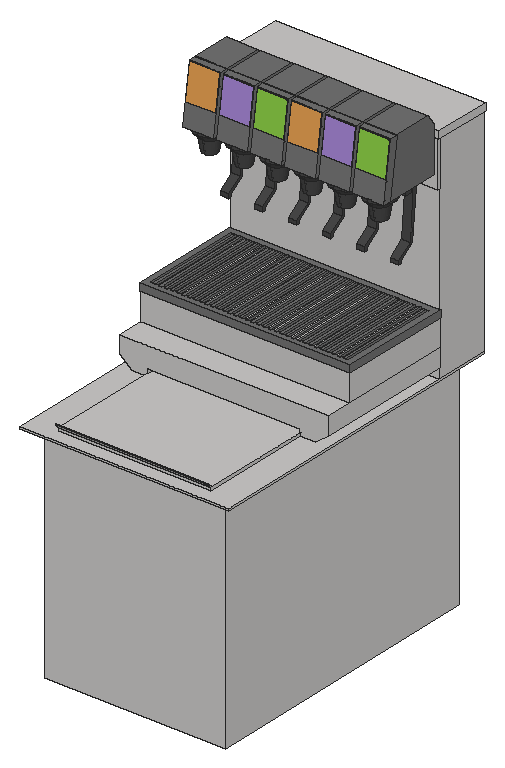
Revit family "QF_LANCER_ICD 2200", category Specialty Equipment, Revit 2012
Parameters
  Weight in Pounds = 0
  Watts = if(Phase = 3, Volts * FL Amps * 1.73, Volts * FL Amps)  # 0 W
  Waste Water Discharge Temperature [instance] = -459.67 °F
  Volts = 115 V
  URL Cutsheet = ""
  Type Mark [instance] = ""
  Status [instance] = ""
  Specification by User [instance] = ""
  Specification by Manufacturer = ""
  Show Clearance [instance] = yes
  Serial Number = ""
  Seismic Rating = ""
  SMACNA No = ""
  Revision Code [instance] = ""
  Plumbing Remarks [instance] = ""
  Plumbing Connection Type [instance] = ""
  Phase = 1
  Omniclass Number and Title = ""
  Number of Poles [instance] = 1
  NAFEM Spec ID Number = ""
  Model = "ICD 2200"
  Min Ckt Ampacity = 0 A
  Max Overcurrent Protection = 0 A
  Masterspec = ""
  Manufacturer = "LANCER"
  Item Number [instance] = ""
  Installed By [instance] = ""
  Indirect Waste Size = 3/4"
  Indirect Waste Flow [instance] = 0 GPM
  Indirect Waste Connection Type [instance] = ""
  Indirect Waste Connection Height = 0.000"
  Identify Quantity as Lot [instance] = yes
  HP = ""
  Furnished By [instance] = ""
  Foodservice Equipment Identifier [instance] = yes
  FL Amps = 0 A
  Electrical Remarks [instance] = ""
  Electric Connection Type [instance] = ""
  Elec Conn RI Height [instance] = 0.000"
  Elec Conn Connection Height [instance] = 0.000"
  Description = "ICE COOLED DROP IN DISPENSER"
  Cycle = 60 Hz
  Conn Plug = ""
  Conn Conduit = yes
  Cold Water Temperature Recommended [instance] = 0 °F
  Cold Water Size = 3/8"
  Cold Water RI Height [instance] = 0.000"
  Cold Water Minimum Pressure = 0.00 psi
  Cold Water Maximum Pressure = 0.00 psi
  Cold Water Flow [instance] = 0 GPM
  Cold Water Consumption = ""
  Cold Water Connection Height = 0.000"
  CSI MasterFormat = ""
  CSI Master Format = ""
  Apparent Power = if(Phase = 3, Volts * FL Amps * 1.73, Volts * FL Amps)  # 0 VA
Reference planes (in)
  plane 1 "BACK": y = 0
  plane 2: z = 0
  plane 3 "LEFT": x = 0
  plane 4 "RIGHT": x = 15
  plane 5 "FRONT": y = -23
  plane 6 "TOP": z = 33.375
  plane 7: x = 7.5
  plane 8: y = -11.5
  plane 9: z = 16.125
  plane 10: x = 1.44756
  plane 11: x = 13.55244
Forms (in)
  Extrusion 1, solid, material "QF_Finishes_Stainless Steel"
    sketch origin (0, 0, 0) x (1, 0, 0) y (0, 1, 0)
      loop
        line (1, -1) -> (1, -22) -> (14, -22) -> (14, -1) -> (1, -1)
    from 0 to 16.125
  Extrusion 2, solid, material "QF_Finishes_Stainless Steel"
    sketch origin (-16.16073, -180, 16.125) x (-1, 0, 0) y (0, -1, 0)
      loop
        line (-16.16073, -180) -> (-16.16073, -157) -> (-31.16073, -157) -> (-31.16073, -180) -> (-16.16073, -180)
    from 0 to 0.125
  Extrusion 3, solid, material "QF_Finishes_Stainless Steel"
    sketch origin (-16.16073, -180, 16.125) x (-1, 0, 0) y (0, -1, 0)
      loop
        line (-16.16073, -180) -> (-16.16073, -176) -> (-31.16073, -176) -> (-31.16073, -180) -> (-16.16073, -180)
    from 0 to 15.67398
  Extrusion 4, solid, material "QF_Finishes_Stainless Steel"
    sketch origin (15, -4, 16.125) x (-1, 0, 0) y (0, 0, -1)
      loop
        line (14.08152, -0.125) -> (12.96875, -0.125) -> (12.96875, -0.625) -> (2.03125, -0.625) -> (2.03125, -0.125) -> (0.91848, -0.125) -> (0, -0.84669) -> (0, -2.125) -> (15, -2.125) -> (15, -0.84669) -> (14.08152, -0.125)
    from 0 to 10
  Extrusion 5, solid, material "QF_Finishes_Stainless Steel"
    sketch origin (0, -4, 18.25) x (1, 0, 0) y (0, 1, 0)
      loop
        line (0, 0) -> (0, -8.09495) -> (15, -8.09495) -> (15, 0) -> (0, 0)
    from 0 to 2
  Extrusion 6, solid, material "QF_Finishes_Dark Grey"
    sketch origin (0, -4, 20.25) x (1, 0, 0) y (0, 1, 0)
      loop
        line (0.375, -7.71995) -> (14.625, -7.71995) -> (14.625, -0.5) -> (0.375, -0.5) -> (0.375, -7.71995)
      loop
        line (-0.062, -8.15695) -> (15.062, -8.15695) -> (15.062, 0) -> (-0.062, 0) -> (-0.062, -8.15695)
    from 0 to 0.5
  Extrusion 7, solid, material "QF_Finishes_Dark Grey"
    sketch origin (0, -4, 20.75) x (1, 0, 0) y (0, 1, 0)
      loop
        line (0.57197, -7.71995) -> (0.74666, -7.71995) -> (0.74666, -0.5) -> (0.57197, -0.5) -> (0.57197, -7.71995)
      loop
        line (0.9866, -7.71995) -> (1.16129, -7.71995) -> (1.16129, -0.5) -> (0.9866, -0.5) -> (0.9866, -7.71995)
      loop
        line (1.40123, -7.71995) -> (1.57592, -7.71995) -> (1.57592, -0.5) -> (1.40123, -0.5) -> (1.40123, -7.71995)
      loop
        line (1.81586, -7.71995) -> (1.99056, -7.71995) -> (1.99056, -0.5) -> (1.81586, -0.5) -> (1.81586, -7.71995)
      loop
        line (2.23049, -7.71995) -> (2.40519, -7.71995) -> (2.40519, -0.5) -> (2.23049, -0.5) -> (2.23049, -7.71995)
      loop
        line (2.64512, -7.71995) -> (2.81982, -7.71995) -> (2.81982, -0.5) -> (2.64512, -0.5) -> (2.64512, -7.71995)
      loop
        line (3.05976, -7.71995) -> (3.23445, -7.71995) -> (3.23445, -0.5) -> (3.05976, -0.5) -> (3.05976, -7.71995)
      loop
        line (3.47439, -7.71995) -> (3.64908, -7.71995) -> (3.64908, -0.5) -> (3.47439, -0.5) -> (3.47439, -7.71995)
      loop
        line (3.88902, -7.71995) -> (4.06371, -7.71995) -> (4.06371, -0.5) -> (3.88902, -0.5) -> (3.88902, -7.71995)
      loop
        line (4.30365, -7.71995) -> (4.47834, -7.71995) -> (4.47834, -0.5) -> (4.30365, -0.5) -> (4.30365, -7.71995)
      loop
        line (4.71828, -7.71995) -> (4.89297, -7.71995) -> (4.89297, -0.5) -> (4.71828, -0.5) -> (4.71828, -7.71995)
      loop
        line (5.13291, -7.71995) -> (5.30761, -7.71995) -> (5.30761, -0.5) -> (5.13291, -0.5) -> (5.13291, -7.71995)
      loop
        line (5.54754, -7.71995) -> (5.72224, -7.71995) -> (5.72224, -0.5) -> (5.54754, -0.5) -> (5.54754, -7.71995)
      loop
        line (5.96217, -7.71995) -> (6.13687, -7.71995) -> (6.13687, -0.5) -> (5.96217, -0.5) -> (5.96217, -7.71995)
      loop
        line (6.3768, -7.71995) -> (6.5515, -7.71995) -> (6.5515, -0.5) -> (6.3768, -0.5) -> (6.3768, -7.71995)
      loop
        line (6.79144, -7.71995) -> (6.96613, -7.71995) -> (6.96613, -0.5) -> (6.79144, -0.5) -> (6.79144, -7.71995)
      loop
        line (7.20607, -7.71995) -> (7.38076, -7.71995) -> (7.38076, -0.5) -> (7.20607, -0.5) -> (7.20607, -7.71995)
      loop
        line (7.6207, -7.71995) -> (7.79539, -7.71995) -> (7.79539, -0.5) -> (7.6207, -0.5) -> (7.6207, -7.71995)
      loop
        line (8.03533, -7.71995) -> (8.21002, -7.71995) -> (8.21002, -0.5) -> (8.03533, -0.5) -> (8.03533, -7.71995)
      loop
        line (8.44996, -7.71995) -> (8.62466, -7.71995) -> (8.62466, -0.5) -> (8.44996, -0.5) -> (8.44996, -7.71995)
      loop
        line (8.86459, -7.71995) -> (9.03929, -7.71995) -> (9.03929, -0.5) -> (8.86459, -0.5) -> (8.86459, -7.71995)
      loop
        line (9.27922, -7.71995) -> (9.45392, -7.71995) -> (9.45392, -0.5) -> (9.27922, -0.5) -> (9.27922, -7.71995)
      loop
        line (9.69385, -7.71995) -> (9.86855, -7.71995) -> (9.86855, -0.5) -> (9.69385, -0.5) -> (9.69385, -7.71995)
      loop
        line (10.10849, -7.71995) -> (10.28318, -7.71995) -> (10.28318, -0.5) -> (10.10849, -0.5) -> (10.10849, -7.71995)
      loop
        line (10.52312, -7.71995) -> (10.69781, -7.71995) -> (10.69781, -0.5) -> (10.52312, -0.5) -> (10.52312, -7.71995)
      loop
        line (10.93775, -7.71995) -> (11.11244, -7.71995) -> (11.11244, -0.5) -> (10.93775, -0.5) -> (10.93775, -7.71995)
      loop
        line (11.35238, -7.71995) -> (11.52707, -7.71995) -> (11.52707, -0.5) -> (11.35238, -0.5) -> (11.35238, -7.71995)
      loop
        line (11.76701, -7.71995) -> (11.9417, -7.71995) -> (11.9417, -0.5) -> (11.76701, -0.5) -> (11.76701, -7.71995)
      loop
        line (12.18164, -7.71995) -> (12.35634, -7.71995) -> (12.35634, -0.5) -> (12.18164, -0.5) -> (12.18164, -7.71995)
      loop
        line (12.59627, -7.71995) -> (12.77097, -7.71995) -> (12.77097, -0.5) -> (12.59627, -0.5) -> (12.59627, -7.71995)
      loop
        line (13.0109, -7.71995) -> (13.1856, -7.71995) -> (13.1856, -0.5) -> (13.0109, -0.5) -> (13.0109, -7.71995)
      loop
        line (13.42554, -7.71995) -> (13.60023, -7.71995) -> (13.60023, -0.5) -> (13.42554, -0.5) -> (13.42554, -7.71995)
      loop
        line (13.84017, -7.71995) -> (14.01486, -7.71995) -> (14.01486, -0.5) -> (13.84017, -0.5) -> (13.84017, -7.71995)
      loop
        line (14.2548, -7.71995) -> (14.42949, -7.71995) -> (14.42949, -0.5) -> (14.2548, -0.5) -> (14.2548, -7.71995)
    from 0 to -0.125
  Extrusion 8, solid, material "QF_Finishes_Stainless Steel"
    sketch origin (-16.16073, -180, 31.79898) x (-1, 0, 0) y (0, -1, 0)
      loop
        line (-16.09873, -175.875) -> (-31.22273, -175.875) -> (-31.22273, -180.062) -> (-16.09873, -180.062) -> (-16.09873, -175.875)
    from 0 to 0.5
  Extrusion 9, solid, material "QF_Finishes_Stainless Steel"
    sketch origin (15, -4, 16.125) x (-1, 0, 0) y (0, 0, -1)
      loop
        line (12.5, -0.125) -> (2.03125, -0.125) -> (2.03125, -0.625) -> (12.5, -0.625) -> (12.5, -0.125)
    from 0 to 9
  Extrusion 10, solid, material "QF_Finishes_Stainless Steel"
    sketch origin (2.03125, -4, 16.25) x (0, 0, 1) y (0, -1, 0)
      loop
        line (0, 9) -> (0.25, 9) -> (0.25, 17.96094) -> (0.57338, 18.28431) -> (0.52883, 18.32886) -> (0.19997, 18) -> (0, 18) -> (0, 9)
    from 0 to 10.9375
  Extrusion 11, solid, material "QF_Finishes_Stainless Steel"
    sketch origin (15, -4, 16.125) x (-1, 0, 0) y (0, 0, -1)
      loop
        line (15, -15.67398) -> (15, -12.37215) -> (0, -12.37215) -> (0, -15.67398) -> (15, -15.67398)
    from 0 to 0.125
  Extrusion 12, solid, material "QF_Finishes_Stainless Steel"
    sketch origin (0, -1, 0) x (1, 0, 0) y (0, 0, -1)
      loop
        circle (7.5, -2.16687) r 0.5
      loop
        circle (7.5, -4.66687) r 0.1875
    from 0 to -0.125
Lines and regions (in)
  symbolic lines
    curve 1: line (0, 0, 16.125) -> (15, 0, 16.125)
    curve 2: line (0, -23, 16.125) -> (0, 0, 16.125)
    curve 3: line (15, -23, 16.125) -> (0, -23, 16.125)
    curve 4: line (15, 0, 16.125) -> (15, -23, 16.125)
    curve 5: line (-0.062, -12.15695, 16.125) -> (15.062, -12.15695, 16.125)
    curve 6: line (0, -14, 16.125) -> (15, -14, 16.125)
    curve 7: line (2.03125, -14, 16.125) -> (2.03125, -22.28431, 16.125)
    curve 8: line (12.96875, -22.28431, 16.125) -> (12.96875, -14, 16.125)
    curve 9: line (2.03125, -22.28431, 16.125) -> (12.96875, -22.28431, 16.125)
    curve 10: line (2.03125, -21.96094, 16.125) -> (12.96875, -21.96094, 16.125)
    curve 11: line (0.375, -11.71995, 16.125) -> (0.375, -8.63085, 16.125)
    curve 12: line (14.625, -11.71995, 16.125) -> (0.375, -11.71995, 16.125)
    curve 13: line (14.625, -8.63085, 16.125) -> (14.625, -11.71995, 16.125)
    curve 14: line (2.44756, -8.63085, 16.125) -> (0.19756, -8.63085, 16.125)
    curve 15: line (2.44756, -4.125, 16.125) -> (2.44756, -8.63085, 16.125)
    curve 16: line (0.19756, -8.63085, 16.125) -> (0.19756, -4.125, 16.125)
    curve 17: line (0.19756, -4.625, 16.125) -> (2.44756, -4.625, 16.125)
    curve 18: line (2.44756, -7.99564, 16.125) -> (0.19756, -7.99564, 16.125)
    curve 19: line (0.24756, -8.00341, 16.125) -> (0.24756, -8.41454, 16.125)
    curve 20: line (0.24756, -8.41454, 16.125) -> (2.39756, -8.41454, 16.125)
    curve 21: line (0.19756, -7.42572, 16.125) -> (2.44756, -7.42572, 16.125)
    curve 22: line (2.39756, -8.41454, 16.125) -> (2.39756, -8.00341, 16.125)
    curve 23: line (4.89354, -8.63085, 16.125) -> (2.64354, -8.63085, 16.125)
    curve 24: line (4.89354, -4.125, 16.125) -> (4.89354, -8.63085, 16.125)
    curve 25: line (2.64354, -8.63085, 16.125) -> (2.64354, -4.125, 16.125)
    curve 26: line (4.89354, -7.99564, 16.125) -> (2.64354, -7.99564, 16.125)
    curve 27: line (2.69354, -8.00341, 16.125) -> (2.69354, -8.41454, 16.125)
    curve 28: line (2.69354, -8.41454, 16.125) -> (4.84354, -8.41454, 16.125)
    curve 29: line (2.64354, -7.42572, 16.125) -> (4.89354, -7.42572, 16.125)
    curve 30: line (4.84354, -8.41454, 16.125) -> (4.84354, -8.00341, 16.125)
    curve 31: line (7.33951, -8.63085, 16.125) -> (5.08951, -8.63085, 16.125)
    curve 32: line (7.33951, -4.125, 16.125) -> (7.33951, -8.63085, 16.125)
    curve 33: line (5.08951, -8.63085, 16.125) -> (5.08951, -4.125, 16.125)
    curve 34: line (7.33951, -7.99564, 16.125) -> (5.08951, -7.99564, 16.125)
    curve 35: line (5.13951, -8.00341, 16.125) -> (5.13951, -8.41454, 16.125)
    curve 36: line (5.13951, -8.41454, 16.125) -> (7.28951, -8.41454, 16.125)
    curve 37: line (5.08951, -7.42572, 16.125) -> (7.33951, -7.42572, 16.125)
    curve 38: line (7.28951, -8.41454, 16.125) -> (7.28951, -8.00341, 16.125)
    curve 39: line (9.78549, -8.63085, 16.125) -> (7.53549, -8.63085, 16.125)
    curve 40: line (9.78549, -4.125, 16.125) -> (9.78549, -8.63085, 16.125)
    curve 41: line (7.53549, -8.63085, 16.125) -> (7.53549, -4.125, 16.125)
    curve 42: line (9.78549, -7.99564, 16.125) -> (7.53549, -7.99564, 16.125)
    curve 43: line (7.58549, -8.00341, 16.125) -> (7.58549, -8.41454, 16.125)
    curve 44: line (7.58549, -8.41454, 16.125) -> (9.73549, -8.41454, 16.125)
    curve 45: line (7.53549, -7.42572, 16.125) -> (9.78549, -7.42572, 16.125)
    curve 46: line (9.73549, -8.41454, 16.125) -> (9.73549, -8.00341, 16.125)
    curve 47: line (12.23146, -8.63085, 16.125) -> (9.98146, -8.63085, 16.125)
    curve 48: line (12.23146, -4.125, 16.125) -> (12.23146, -8.63085, 16.125)
    curve 49: line (9.98146, -8.63085, 16.125) -> (9.98146, -4.125, 16.125)
    curve 50: line (12.23146, -7.99564, 16.125) -> (9.98146, -7.99564, 16.125)
    curve 51: line (10.03146, -8.00341, 16.125) -> (10.03146, -8.41454, 16.125)
    curve 52: line (10.03146, -8.41454, 16.125) -> (12.18146, -8.41454, 16.125)
    curve 53: line (9.98146, -7.42572, 16.125) -> (12.23146, -7.42572, 16.125)
    curve 54: line (12.18146, -8.41454, 16.125) -> (12.18146, -8.00341, 16.125)
    curve 55: line (14.67744, -8.63085, 16.125) -> (12.42744, -8.63085, 16.125)
    curve 56: line (14.67744, -4.125, 16.125) -> (14.67744, -8.63085, 16.125)
    curve 57: line (12.42744, -8.63085, 16.125) -> (12.42744, -4.125, 16.125)
    curve 58: line (14.67744, -7.99564, 16.125) -> (12.42744, -7.99564, 16.125)
    curve 59: line (12.47744, -8.00341, 16.125) -> (12.47744, -8.41454, 16.125)
    curve 60: line (12.47744, -8.41454, 16.125) -> (14.62744, -8.41454, 16.125)
    curve 61: line (12.42744, -7.42572, 16.125) -> (14.67744, -7.42572, 16.125)
    curve 62: line (14.62744, -8.41454, 16.125) -> (14.62744, -8.00341, 16.125)
    curve 63: line (2.64354, -4.625, 16.125) -> (4.89354, -4.625, 16.125)
    curve 64: line (5.08951, -4.625, 16.125) -> (7.33951, -4.625, 16.125)
    curve 65: line (7.53549, -4.625, 16.125) -> (9.78549, -4.625, 16.125)
    curve 66: line (9.98146, -4.625, 16.125) -> (12.23146, -4.625, 16.125)
    curve 67: line (12.42744, -4.625, 16.125) -> (14.67744, -4.625, 16.125)
    curve 68: line (-0.062, -4.125, 16.125) -> (15.062, -4.125, 16.125)
    curve 69: line (0.57197, -8.63085, 16.125) -> (0.57197, -11.71995, 16.125)
    curve 70: line (0.74666, -11.71995, 16.125) -> (0.74666, -8.63085, 16.125)
    curve 71: line (0.9866, -8.63085, 16.125) -> (0.9866, -11.71995, 16.125)
    curve 72: line (1.16129, -11.71995, 16.125) -> (1.16129, -8.63085, 16.125)
    curve 73: line (1.40123, -8.63085, 16.125) -> (1.40123, -11.71995, 16.125)
    curve 74: line (1.57592, -11.71995, 16.125) -> (1.57592, -8.63085, 16.125)
    curve 75: line (1.81586, -8.63085, 16.125) -> (1.81586, -11.71995, 16.125)
    curve 76: line (1.99056, -11.71995, 16.125) -> (1.99056, -8.63085, 16.125)
    curve 77: line (2.23049, -8.63085, 16.125) -> (2.23049, -11.71995, 16.125)
    curve 78: line (2.40519, -11.71995, 16.125) -> (2.40519, -8.63085, 16.125)
    curve 79: line (2.64512, -8.63085, 16.125) -> (2.64512, -11.71995, 16.125)
    curve 80: line (2.81982, -11.71995, 16.125) -> (2.81982, -8.63085, 16.125)
    curve 81: line (3.05976, -8.63085, 16.125) -> (3.05976, -11.71995, 16.125)
    curve 82: line (3.23445, -11.71995, 16.125) -> (3.23445, -8.63085, 16.125)
    curve 83: line (3.47439, -8.63085, 16.125) -> (3.47439, -11.71995, 16.125)
    curve 84: line (3.64908, -11.71995, 16.125) -> (3.64908, -8.63085, 16.125)
    curve 85: line (3.88902, -8.63085, 16.125) -> (3.88902, -11.71995, 16.125)
    curve 86: line (4.06371, -11.71995, 16.125) -> (4.06371, -8.63085, 16.125)
    curve 87: line (4.30365, -8.63085, 16.125) -> (4.30365, -11.71995, 16.125)
    curve 88: line (4.47834, -11.71995, 16.125) -> (4.47834, -8.63085, 16.125)
    curve 89: line (4.71828, -8.63085, 16.125) -> (4.71828, -11.71995, 16.125)
    curve 90: line (4.89297, -11.71995, 16.125) -> (4.89297, -8.63085, 16.125)
    curve 91: line (5.13291, -8.63085, 16.125) -> (5.13291, -11.71995, 16.125)
    curve 92: line (5.30761, -11.71995, 16.125) -> (5.30761, -8.63085, 16.125)
    curve 93: line (5.54754, -8.63085, 16.125) -> (5.54754, -11.71995, 16.125)
    curve 94: line (5.72224, -11.71995, 16.125) -> (5.72224, -8.63085, 16.125)
    curve 95: line (5.96217, -8.63085, 16.125) -> (5.96217, -11.71995, 16.125)
    curve 96: line (6.13687, -11.71995, 16.125) -> (6.13687, -8.63085, 16.125)
    curve 97: line (6.3768, -8.63085, 16.125) -> (6.3768, -11.71995, 16.125)
    curve 98: line (6.5515, -11.71995, 16.125) -> (6.5515, -8.63085, 16.125)
    curve 99: line (6.79144, -8.63085, 16.125) -> (6.79144, -11.71995, 16.125)
    curve 100: line (6.96613, -11.71995, 16.125) -> (6.96613, -8.63085, 16.125)
    curve 101: line (7.20607, -8.63085, 16.125) -> (7.20607, -11.71995, 16.125)
    curve 102: line (7.38076, -11.71995, 16.125) -> (7.38076, -4.125, 16.125)
    curve 103: line (7.6207, -8.63085, 16.125) -> (7.6207, -11.71995, 16.125)
    curve 104: line (7.79539, -11.71995, 16.125) -> (7.79539, -8.63085, 16.125)
    curve 105: line (8.03533, -8.63085, 16.125) -> (8.03533, -11.71995, 16.125)
    curve 106: line (8.21002, -11.71995, 16.125) -> (8.21002, -8.63085, 16.125)
    curve 107: line (8.44996, -8.63085, 16.125) -> (8.44996, -11.71995, 16.125)
    curve 108: line (8.62466, -11.71995, 16.125) -> (8.62466, -8.63085, 16.125)
    curve 109: line (8.86459, -8.63085, 16.125) -> (8.86459, -11.71995, 16.125)
    curve 110: line (9.03929, -11.71995, 16.125) -> (9.03929, -8.63085, 16.125)
    curve 111: line (9.27922, -8.63085, 16.125) -> (9.27922, -11.71995, 16.125)
    curve 112: line (9.45392, -11.71995, 16.125) -> (9.45392, -8.63085, 16.125)
    curve 113: line (9.69385, -8.63085, 16.125) -> (9.69385, -11.71995, 16.125)
    curve 114: line (9.86855, -11.71995, 16.125) -> (9.86855, -4.125, 16.125)
    curve 115: line (10.10849, -8.63085, 16.125) -> (10.10849, -11.71995, 16.125)
    curve 116: line (10.28318, -11.71995, 16.125) -> (10.28318, -8.63085, 16.125)
    curve 117: line (10.52312, -8.63085, 16.125) -> (10.52312, -11.71995, 16.125)
    curve 118: line (10.69781, -11.71995, 16.125) -> (10.69781, -8.63085, 16.125)
    curve 119: line (10.93775, -8.63085, 16.125) -> (10.93775, -11.71995, 16.125)
    curve 120: line (11.11244, -11.71995, 16.125) -> (11.11244, -8.63085, 16.125)
    curve 121: line (11.35238, -8.63085, 16.125) -> (11.35238, -11.71995, 16.125)
    curve 122: line (11.52707, -11.71995, 16.125) -> (11.52707, -8.63085, 16.125)
    curve 123: line (11.76701, -8.63085, 16.125) -> (11.76701, -11.71995, 16.125)
    curve 124: line (11.9417, -11.71995, 16.125) -> (11.9417, -8.63085, 16.125)
    curve 125: line (12.18164, -8.63085, 16.125) -> (12.18164, -11.71995, 16.125)
    curve 126: line (12.35634, -11.71995, 16.125) -> (12.35634, -4.125, 16.125)
    curve 127: line (12.59627, -8.63085, 16.125) -> (12.59627, -11.71995, 16.125)
    curve 128: line (12.77097, -11.71995, 16.125) -> (12.77097, -8.63085, 16.125)
    curve 129: line (13.0109, -8.63085, 16.125) -> (13.0109, -11.71995, 16.125)
    curve 130: line (13.1856, -11.71995, 16.125) -> (13.1856, -8.63085, 16.125)
    curve 131: line (13.42554, -8.63085, 16.125) -> (13.42554, -11.71995, 16.125)
    curve 132: line (13.60023, -11.71995, 16.125) -> (13.60023, -8.63085, 16.125)
    curve 133: line (13.84017, -8.63085, 16.125) -> (13.84017, -11.71995, 16.125)
    curve 134: line (14.01486, -11.71995, 16.125) -> (14.01486, -8.63085, 16.125)
    curve 135: line (14.2548, -8.63085, 16.125) -> (14.2548, -11.71995, 16.125)
    curve 136: line (14.42949, -11.71995, 16.125) -> (14.42949, -8.63085, 16.125)
Dimensions and locks (in)
  plane 3 "LEFT" to plane 4 "RIGHT" = 15.000"
  plane 5 "FRONT" to plane 1 "BACK" = 23.000"
  equal spacing: plane 3 "LEFT", plane 7, plane 4 "RIGHT"
  equal spacing: plane 5 "FRONT", plane 8, plane 1 "BACK"
  plane 6 "TOP" to plane 9 to level = 17.250", 16.125"
  plane 6 "TOP" to level = 33.375"
  aligned and locked: level to plane 2
Automatic sketch dimensions
  plane 3 "LEFT" to Extrusion 1 sketch curve = 1.000"
  plane 4 "RIGHT" to Extrusion 1 sketch curve = 1.000"
  Extrusion 1 sketch curve to plane 5 "FRONT" = 1.000"
  plane 1 "BACK" to Extrusion 1 sketch curve = 1.000"
  plane 1 "BACK" to Extrusion 2 sketch curve = 0.000"
  Extrusion 2 sketch curve to plane 4 "RIGHT" = 0.000"
  Extrusion 2 sketch curve to plane 3 "LEFT" = 0.000"
  plane 5 "FRONT" to Extrusion 2 sketch curve = 0.000"
  plane 1 "BACK" to Extrusion 3 sketch curve = 0.000"
  Extrusion 3 sketch curve to plane 4 "RIGHT" = 0.000"
  Extrusion 3 sketch curve to plane 3 "LEFT" = 0.000"
  Extrusion 3 sketch curve to Extrusion 3 sketch curve = 4.000"
  Extrusion 4 sketch curve to Extrusion 3 = 0.000"  (x2)
  Extrusion 3 to Extrusion 4 sketch curve = 0.125"  (x2)
  Extrusion 4 sketch curve to Extrusion 3 = 0.91848"
  Extrusion 4 sketch curve to Extrusion 4 sketch curve = 1.11277"
  Extrusion 3 to Extrusion 4 sketch curve = 2.03125"
  Extrusion 3 to Extrusion 4 sketch curve = 0.91848"
  Extrusion 4 sketch curve to Extrusion 4 sketch curve = 0.500"
  Extrusion 3 to Extrusion 4 sketch curve = 0.84669"  (x2)
  Extrusion 4 sketch curve to Extrusion 4 sketch curve = 1.27831"
  Extrusion 5 sketch curve to Extrusion 4 = 0.000"  (x3)
  Extrusion 4 to Extrusion 5 sketch curve = 1.90505"
  Extrusion 6 sketch curve to Extrusion 5 = 0.000"
  Extrusion 5 to Extrusion 6 sketch curve = 0.062"  (x3)
  Extrusion 6 sketch curve to Extrusion 5 = 0.375"  (x3)
  Extrusion 6 sketch curve to Extrusion 5 = 0.500"
  Extrusion 6 to Extrusion 7 sketch curve = 0.000"  (x34)
  Extrusion 7 sketch curve to Extrusion 6 = 0.000"  (x34)
  Extrusion 6 to Extrusion 7 sketch curve = 0.19697"
  Extrusion 7 sketch curve to Extrusion 7 sketch curve = 0.17469"  (x34)
  Extrusion 7 sketch curve to Extrusion 7 sketch curve = 0.23994"  (x33)
  Extrusion 3 to Extrusion 8 sketch curve = 0.062"  (x3)
  Extrusion 3 to Extrusion 8 sketch curve = 0.125"
  Extrusion 3 to Extrusion 9 sketch curve = 0.125"
  Extrusion 9 sketch curve to Extrusion 3 = 2.03125"
  Extrusion 3 to Extrusion 9 sketch curve = 0.625"
  Extrusion 3 to Extrusion 9 sketch curve = 2.500"
  Extrusion 10 sketch curve to Extrusion 4 = 0.000"
  Extrusion 10 sketch curve to Extrusion 10 sketch curve = 0.19997"
  Extrusion 10 sketch curve to Extrusion 10 sketch curve = 0.05003"
  Extrusion 4 to Extrusion 10 sketch curve = 0.02883"
  Extrusion 10 sketch curve to Extrusion 10 sketch curve = 0.04455"
  Extrusion 4 to Extrusion 10 sketch curve = 1.000"
  Extrusion 10 sketch curve to Extrusion 4 = 7.96094"
  Extrusion 10 sketch curve to Extrusion 10 sketch curve = 0.03906"
  Extrusion 11 sketch curve to Extrusion 3 = 0.000"  (x3)
  Extrusion 3 to Extrusion 11 sketch curve = 3.30183"
  Extrusion 12 sketch curve to Extrusion 1 = 6.500"
  Extrusion 12 sketch curve to Extrusion 12 sketch curve = 0.000"
  Extrusion 1 to Extrusion 12 sketch curve = 4.66687"
  Extrusion 1 to Extrusion 12 sketch curve = 2.16687"
  plane 1 "BACK" to curve 1 = 0.000"
  curve 1 to plane 4 "RIGHT" = 0.000"
  curve 1 to plane 3 "LEFT" = 0.000"
  plane 5 "FRONT" to curve 3 = 0.000"
  curve 5 to plane 4 "RIGHT" = 0.062"
  curve 68 to plane 4 "RIGHT" = 0.062"
  plane 4 "RIGHT" to curve 58 = 0.32256"
  curve 55 to curve 60 = 0.050"
  plane 4 "RIGHT" to curve 13 = 0.375"
  curve 12 to curve 136 = 0.19551"
  curve 136 to curve 135 = 0.17469"
  curve 135 to curve 134 = 0.23994"
  curve 134 to curve 133 = 0.17469"
  plane 11 to curve 132 = 0.04779"
  curve 131 to plane 11 = 0.1269"
  curve 131 to curve 130 = 0.23994"
  curve 130 to curve 129 = 0.17469"
  curve 10 to plane 11 = 0.58369"
  curve 129 to curve 128 = 0.23994"
  curve 128 to curve 127 = 0.17469"
  curve 127 to curve 59 = 0.11883"
  curve 59 to curve 61 = 0.050"
  curve 55 to curve 126 = 0.0711"
  curve 57 to curve 48 = 0.19598"
  curve 47 to curve 125 = 0.04982"
  curve 125 to curve 52 = 0.00018"
  curve 125 to curve 124 = 0.23994"
  curve 124 to curve 123 = 0.17469"
  curve 123 to curve 122 = 0.23994"
  curve 122 to curve 121 = 0.17469"
  curve 121 to curve 120 = 0.23994"
  curve 120 to curve 119 = 0.17469"
  curve 119 to curve 118 = 0.23994"
  curve 118 to curve 117 = 0.17469"
  curve 117 to curve 116 = 0.23994"
  curve 116 to curve 115 = 0.17469"
  curve 115 to curve 51 = 0.07702"
  curve 66 to curve 66 = 2.250"
  curve 47 to curve 114 = 0.11291"
  curve 66 to curve 65 = 0.19598"
  curve 39 to curve 46 = 0.050"
  curve 114 to curve 113 = 0.17469"
  curve 113 to curve 112 = 0.23994"
  curve 112 to curve 111 = 0.17469"
  curve 111 to curve 110 = 0.23994"
  curve 110 to curve 109 = 0.17469"
  curve 109 to curve 108 = 0.23994"
  curve 108 to curve 107 = 0.17469"
  curve 107 to curve 106 = 0.23994"
  curve 106 to curve 105 = 0.17469"
  curve 105 to curve 104 = 0.23994"
  plane 7 to curve 103 = 0.1207"
  plane 7 to curve 43 = 0.08549"
  plane 7 to curve 41 = 0.03549"
  curve 102 to plane 7 = 0.11924"
  curve 102 to curve 32 = 0.04125"
  curve 34 to curve 38 = 0.050"
  curve 31 to curve 101 = 0.13345"
  curve 101 to curve 100 = 0.23994"
  curve 100 to curve 99 = 0.17469"
  curve 99 to curve 98 = 0.23994"
  curve 98 to curve 97 = 0.17469"
  curve 97 to curve 96 = 0.23994"
  curve 96 to curve 95 = 0.17469"
  curve 95 to curve 94 = 0.23994"
  curve 94 to curve 93 = 0.17469"
  curve 93 to curve 92 = 0.23994"
  curve 92 to curve 36 = 0.16809"
  curve 92 to curve 91 = 0.17469"
  curve 35 to curve 34 = 0.050"
  curve 34 to curve 26 = 0.19598"
  curve 23 to curve 90 = 0.00056"
  curve 90 to curve 28 = 0.04944"
  curve 90 to curve 89 = 0.17469"
  curve 89 to curve 88 = 0.23994"
  curve 88 to curve 87 = 0.17469"
  curve 87 to curve 86 = 0.23994"
  curve 86 to curve 85 = 0.17469"
  curve 85 to curve 84 = 0.23994"
  curve 84 to curve 83 = 0.17469"
  curve 83 to curve 82 = 0.23994"
  curve 82 to curve 81 = 0.17469"
  curve 81 to curve 80 = 0.23994"
  curve 80 to curve 27 = 0.12628"
  curve 80 to curve 79 = 0.17469"
  curve 27 to curve 26 = 0.050"
  curve 63 to curve 17 = 0.19598"
  curve 79 to curve 78 = 0.23994"
  curve 78 to curve 22 = 0.00763"
  curve 78 to curve 77 = 0.17469"
  curve 7 to plane 10 = 0.58369"
  curve 77 to curve 76 = 0.23994"
  curve 76 to curve 75 = 0.17469"
  curve 74 to plane 10 = 0.12836"
  plane 10 to curve 73 = 0.04633"
  curve 73 to curve 72 = 0.23994"
  curve 72 to curve 71 = 0.17469"
  curve 71 to curve 70 = 0.23994"
  curve 70 to curve 69 = 0.17469"
  curve 69 to curve 11 = 0.19697"
  plane 3 "LEFT" to curve 19 = 0.24756"
  plane 3 "LEFT" to curve 16 = 0.19756"
  curve 68 to plane 3 "LEFT" = 0.062"
  curve 5 to plane 3 "LEFT" = 0.062"
  plane 1 "BACK" to curve 56 = 4.125"
  curve 56 to curve 67 = 0.500"
  curve 66 to curve 67 = 0.000"
  curve 65 to curve 66 = 0.000"
  curve 64 to curve 65 = 0.000"
  curve 63 to curve 64 = 0.000"
  curve 16 to curve 17 = 0.500"
  curve 64 to curve 37 = 2.80072"
  curve 67 to curve 61 = 2.80072"
  curve 29 to curve 37 = 0.000"
  curve 37 to curve 45 = 0.000"
  curve 45 to curve 53 = 0.000"
  curve 21 to curve 29 = 0.000"
  curve 37 to curve 34 = 0.56993"
  curve 45 to curve 42 = 0.56993"
  curve 61 to curve 58 = 0.56993"
  curve 21 to curve 18 = 0.56993"
  curve 42 to curve 50 = 0.000"
  curve 26 to curve 34 = 0.000"
  curve 42 to curve 43 = 0.00777"
  curve 26 to curve 27 = 0.00777"
  curve 42 to curve 46 = 0.00777"
  curve 50 to curve 51 = 0.00777"
  curve 18 to curve 22 = 0.00777"
  curve 26 to curve 30 = 0.00777"
  curve 34 to curve 35 = 0.00777"
  curve 34 to curve 38 = 0.00777"
  curve 58 to curve 59 = 0.00777"
  curve 58 to curve 62 = 0.00777"
  curve 18 to curve 19 = 0.00777"
  curve 50 to curve 54 = 0.00777"
  curve 62 to curve 62 = 0.41113"
  curve 35 to curve 35 = 0.41113"
  curve 19 to curve 19 = 0.41113"
  curve 54 to curve 59 = 0.000"
  curve 30 to curve 35 = 0.000"
  curve 36 to curve 43 = 0.000"
  curve 52 to curve 125 = 0.21631"
  curve 27 to curve 25 = 0.21631"
  curve 59 to curve 130 = 0.21631"
  curve 43 to curve 41 = 0.21631"
  curve 31 to curve 39 = 0.000"
  curve 19 to curve 16 = 0.21631"
  curve 91 to plane 8 = 0.21995"
  curve 12 to curve 5 = 0.437"
  curve 5 to curve 6 = 1.84305"
  curve 10 to plane 5 "FRONT" = 1.03906"
  curve 10 to curve 7 = 0.32338"
  radius of Extrusion 12 sketch curve = 0.500"
  radius of Extrusion 12 sketch curve = 0.1875"
Nested families (in)
  nested 1: "ICD 2200" at (0.19756, -4.125, 29.36521), type "ICD 2200"
    with Logo QF_Finishes_Orange
  nested 2: "ICD 2200" at (12.42744, -4.125, 29.36521), type "ICD 2200"
    with Logo QF_Finishes_Pantone
  nested 3: "ICD 2200" at (2.64354, -4.125, 29.36521), type "ICD 2200"
    with Logo QF_Finishes_Violet
  nested 4: "ICD 2200" at (5.08951, -4.125, 29.36521), type "ICD 2200"
    with Logo QF_Finishes_Pantone
  nested 5: "ICD 2200" at (7.53549, -4.125, 29.36521), type "ICD 2200"
    with Logo QF_Finishes_Orange
  nested 6: "ICD 2200" at (9.98146, -4.125, 29.36521), type "ICD 2200"
    with Logo QF_Finishes_Violet
Connectors (in)
  electrical at (7.5, -1, 2.16687), driven by "Volts", driven by "Watts"
    settings: on Extrusion 12, index 1, voltage 115 V, apparent load 0 VA, apparent load phase1 0 VA, apparent load phase2 0 VA, apparent load phase3 0 VA, power factor 1, load classification "Other", number of poles 1, system type 30, power factor state 1, is connector primary yes, connector utility no, sub classification motor no, connector description "ELECTRICAL CONNECTION"
  piping at (7.5, -1, 4.66687)
    settings: on Extrusion 12, index 2, connector radius 0.188", flow factor 0, pipe flow 0 GPM, pressure drop 0.00 psi, fitting loss kfactor 0, connector angle 0.00°, fixture units 0, engagement length 0.000", flow configuration 1, flow direction 1, fitting loss method 0, system type 20, joint type 0, gender type 0, connector reference index -1, connector utility 0, adjustable connector no, is connector primary yes, fitting loss table "", connector description "WATER INLET"
  piping at (7.5, -8.04747, 18.25)
    settings: on Extrusion 5, index 3, connector radius 3/8", flow factor 0, pipe flow 0 GPM, pressure drop 0.00 psi, fitting loss kfactor 0, connector angle 0.00°, fixture units 0, engagement length 0.000", flow configuration 1, flow direction 2, fitting loss method 0, system type 16, joint type 0, gender type 0, connector reference index -1, connector utility 0, adjustable connector no, is connector primary no, fitting loss table "", connector description "DRAIN"
Definition of nested family "ICD 2200"
  Parameters (values of type "ICD 2200")
    URL = ""
    Model = ""
    Manufacturer = ""
    Logo [instance] = QF_Finishes_Yellow Green
    Description = ""
  Reference planes (in)
    plane 1 "BACK": y = 0
    plane 2: z = 0
    plane 3 "LEFT": x = 0
    plane 4 "RIGHT": x = 2.25
    plane 5 "FRONT": y = -4.5
    plane 6 "TOP": z = 4
    plane 7 "Center Y": x = 1.125
    plane 8 "Center X": y = -2.25
  Forms (in)
    Extrusion 1, solid, material "QF_Finishes_White", not visible
      sketch origin (17.41924, -33.25075, -0.22915) x (1, 0, 0) y (0, 0.81211, 0.583505)
        loop
          line (-12.49146, 21.46818) -> (-12.55278, 21.29971) -> (-12.47904, 21.22597) -> (-12.90854, 20.17785)
          arc (-12.90854, 20.17785) -> (-12.93709, 20.14286) -> (-12.9803, 20.1297) r 0.07755
          line (-12.9803, 20.1297) -> (-13.05646, 20.1297) -> (-13.13865, 19.91561) -> (-12.13809, 19.91561) -> (-11.92261, 20.47696) -> (-12.14847, 20.47696) -> (-12.21933, 20.29236)
          arc (-12.21933, 20.29236) -> (-12.31241, 20.17429) -> (-12.456, 20.1297) r 0.2535
          line (-12.456, 20.1297) -> (-12.60114, 20.1297) -> (-12.18376, 21.21702) -> (-12.0461, 21.26713) -> (-11.97292, 21.46818) -> (-12.49146, 21.46818)
        loop
          line (-11.54232, 19.91561) -> (-11.46202, 20.12855) -> (-11.57594, 20.12855) -> (-11.30823, 20.52545) -> (-11.04405, 20.52545) -> (-11.04405, 20.2135)
          arc (-11.04405, 20.2135) -> (-11.06927, 20.15262) -> (-11.13015, 20.12741) r 0.0861
          line (-11.13015, 20.12741) -> (-11.19695, 20.12741) -> (-11.2537, 19.91561) -> (-10.36841, 19.91561) -> (-10.31318, 20.12171)
          arc (-10.31318, 20.12171) -> (-10.37318, 20.13487) -> (-10.38582, 20.19498) r 0.05658
          line (-10.38582, 20.19498) -> (-10.09293, 20.95801) -> (-9.9005, 19.74306) -> (-9.34655, 21.18615)
          arc (-9.34655, 21.18615) -> (-9.29661, 21.24346) -> (-9.22148, 21.25508) r 0.11077
          line (-9.22148, 21.25508) -> (-9.14608, 21.45152) -> (-9.60274, 21.45152) -> (-9.67356, 21.26702) -> (-9.57006, 21.22729) -> (-9.77199, 20.70125) -> (-9.89082, 21.45152) -> (-10.22973, 21.45152) -> (-10.29457, 21.26241) -> (-10.22202, 21.22702) -> (-10.59904, 20.19115)
          arc (-10.59904, 20.19115) -> (-10.71712, 20.12435) -> (-10.80157, 20.23052) r 0.10444
          line (-10.80157, 20.23052) -> (-10.75093, 21.68059) -> (-11.77573, 20.19742)
          arc (-11.77573, 20.19742) -> (-11.85733, 20.13425) -> (-11.96042, 20.1297) r 0.17054
          line (-11.96042, 20.1297) -> (-12.0426, 19.91561) -> (-11.54232, 19.91561)
        loop
          line (-11.04405, 20.91083) -> (-11.222, 20.65329) -> (-11.04405, 20.65329) -> (-11.04405, 20.91083)
        loop
          arc (-9.18015, 20.40589) -> (-9.07337, 20.72827) -> (-8.937, 21.03929) r 3.63979
          arc (-8.937, 21.03929) -> (-8.86883, 21.14859) -> (-8.78072, 21.24255) r 0.65953
          arc (-8.78072, 21.24255) -> (-8.68809, 21.26405) -> (-8.61885, 21.19886) r 0.10072
          arc (-8.61885, 21.19886) -> (-8.59832, 21.07023) -> (-8.62072, 20.9419) r 0.39524
          line (-8.62072, 20.9419) -> (-8.40563, 20.9419) -> (-8.22094, 21.42303) -> (-8.42275, 21.42303) -> (-8.45878, 21.34576) -> (-8.56823, 21.4376)
          arc (-8.56823, 21.4376) -> (-8.6876, 21.47254) -> (-8.8102, 21.45152) r 0.27607
          arc (-8.8102, 21.45152) -> (-9.04794, 21.29194) -> (-9.20752, 21.0542) r 0.74182
          arc (-9.20752, 21.0542) -> (-9.30662, 20.7938) -> (-9.38815, 20.52738) r 4.18034
          arc (-9.38815, 20.52738) -> (-9.40237, 20.26092) -> (-9.30651, 20.01188) r 0.63895
          arc (-9.30651, 20.01188) -> (-9.18043, 19.91422) -> (-9.02096, 19.91561) r 0.2433
          arc (-9.02096, 19.91561) -> (-8.7441, 20.13998) -> (-8.57273, 20.45242) r 0.92405
          line (-8.57273, 20.45242) -> (-8.80347, 20.45242)
          arc (-8.80347, 20.45242) -> (-8.88972, 20.28311) -> (-9.01469, 20.13997) r 0.77263
          arc (-9.01469, 20.13997) -> (-9.08916, 20.11854) -> (-9.15228, 20.1635) r 0.08915
          arc (-9.15228, 20.1635) -> (-9.19, 20.28196) -> (-9.18015, 20.40589) r 0.3227
        loop
          line (-8.69269, 19.91561) -> (-7.70991, 19.91561) -> (-7.51401, 20.45382) -> (-7.75005, 20.45382) -> (-7.82475, 20.25923)
          arc (-7.82475, 20.25923) -> (-7.90736, 20.15444) -> (-8.03479, 20.11487) r 0.22499
          line (-8.03479, 20.11487) -> (-8.21264, 20.11487) -> (-8.01483, 20.61054)
          arc (-8.01483, 20.61054) -> (-7.95476, 20.57048) -> (-7.94525, 20.49891) r 0.08749
          line (-7.94525, 20.49891) -> (-7.72846, 20.49891) -> (-7.55557, 20.91825) -> (-7.78011, 20.91825)
          arc (-7.78011, 20.91825) -> (-7.83352, 20.8279) -> (-7.9364, 20.80707) r 0.12912
          line (-7.9364, 20.80707) -> (-7.75991, 21.2493) -> (-7.45081, 21.2493) -> (-7.56269, 20.9419) -> (-7.33637, 20.9419) -> (-7.14806, 21.45927) -> (-8.07174, 21.45927) -> (-8.14847, 21.25936)
          arc (-8.14847, 21.25936) -> (-8.09258, 21.23618) -> (-8.05325, 21.19018) r 0.12985
          line (-8.05325, 21.19018) -> (-8.46319, 20.19593)
          arc (-8.46319, 20.19593) -> (-8.52431, 20.13079) -> (-8.61326, 20.12255) r 0.12596
          line (-8.61326, 20.12255) -> (-8.69269, 19.91561)
        loop
          line (-7.63008, 19.91561) -> (-7.05899, 19.91561) -> (-7.00621, 20.11256) -> (-7.15288, 20.11256) -> (-6.96676, 20.59743) -> (-6.89564, 20.59743) -> (-6.79981, 19.91561) -> (-6.53221, 19.91561) -> (-6.45269, 20.11487) -> (-6.59506, 20.11487) -> (-6.65431, 20.59743)
          arc (-6.65431, 20.59743) -> (-6.35483, 20.80574) -> (-6.27239, 21.16111) r 0.50761
          arc (-6.27239, 21.16111) -> (-6.38815, 21.37431) -> (-6.61538, 21.45927) r 0.34636
          line (-6.61538, 21.45927) -> (-7.01264, 21.45927) -> (-7.10659, 21.23141) -> (-6.98734, 21.23141) -> (-7.40058, 20.19593)
          arc (-7.40058, 20.19593) -> (-7.4617, 20.13079) -> (-7.55064, 20.12255) r 0.12596
          line (-7.55064, 20.12255) -> (-7.63008, 19.91561)
        loop
          line (-6.71653, 21.2493) -> (-6.88347, 20.81441) -> (-6.69099, 20.81441)
          spline (-6.69099, 20.81441) -> (-6.65199, 20.8279) -> (-6.61544, 20.85289) -> (-6.58342, 20.88798) -> (-6.55772, 20.93118) -> (-6.5398, 20.98005) -> (-6.53066, 21.03185) -> (-6.53082, 21.08365) -> (-6.54028, 21.13253) -> (-6.55849, 21.17573) -> (-6.58444, 21.21081) -> (-6.61666, 21.23581) -> (-6.65332, 21.2493)
          line (-6.65332, 21.2493) -> (-6.71653, 21.2493)
      from 12.45543 to 12.60543
    Sweep 2, solid, material "QF_Finishes_Glossy Black"
      path origin (1.125, 23.23102, -16.38239) x (0, 1, 0) y (0, 0, 1)
        loop
          line (-25.17141, 11.19276) -> (-25.17141, 11.38707) -> (-24.13511, 12.08606) -> (-23.75923, 16.38239) -> (-24.19012, 16.38239)
      profile origin (1.125, -1.94038, -5.09248) x (0, -1, 0) y (1, 0, 0)
        loop
          line (0, -0.30218) -> (0.1753, -0.30218) -> (0.1753, 0.29782) -> (0, 0.29782) -> (0, -0.30218)
    Extrusion 3, solid, material "QF_Finishes_Glossy Black"
      sketch origin (-2.20896, 21.71453, -16.95483) x (1, 0, 0) y (0, 0, 1)
        loop
          line (2.85718, 16.08678) -> (3.81074, 16.08678) -> (3.81074, 16.95483) -> (2.85718, 16.95483) -> (2.85718, 16.08678)
      from 22.93266 to 23.42166
    Revolve 4, solid, material "QF_Finishes_Glossy Black"
      sketch origin (1.125, 22.8302, -16.95483) x (0, 1, 0) y (0, 0, 1)
        loop
          line (-26.25174, 15.3282) -> (-25.75174, 15.3282) -> (-25.5781, 16.31301) -> (-25.16744, 16.72366) -> (-25.16744, 16.95483) -> (-26.25174, 16.95483) -> (-26.25174, 15.3282)
        axis (-26.25174, 15.3282) -> (-26.25174, 16.95483)
      angle from 0 to 360
    Extrusion 5, solid, material "QF_Finishes_Dark Grey"
      sketch origin (0, 0, 0) x (0, 1, 0) y (0, 0, 1)
        loop
          line (-4.5, 0) -> (-3.99385, 0) -> (-3.36449, 4) -> (-3.87064, 4) -> (-4.5, 0)
        loop
          line (-0.5, 4) -> (-3.30072, 4) -> (-3.93007, 0) -> (0, 0) -> (0, 3.28593) -> (-0.5, 4)
      from 0 to 2.25
    Extrusion 6, solid, material "QF_Finishes_Yellow Green" <- "Logo"
      sketch origin (0, -3.87064, 4) x (0, -0.155427, -0.987847) y (1, 0, 0)
        loop
          line (0.05, 2.2) -> (0.05, 0.05) -> (2.50448, 0.05) -> (2.50448, 2.2) -> (0.05, 2.2)
      from 0 to 0.03
  Dimensions and locks (in)
    equal spacing: plane 3 "LEFT", plane 7 "Center Y", plane 4 "RIGHT"
    plane 3 "LEFT" to plane 4 "RIGHT" = 2.250"
    equal spacing: plane 5 "FRONT", plane 8 "Center X", plane 1 "BACK"
    plane 5 "FRONT" to plane 1 "BACK" = 4.500"
    plane 6 "TOP" to level = 4.000"
    aligned and locked: level to plane 2
  Automatic sketch dimensions
    Extrusion 1 sketch curve to Extrusion 1 sketch curve = 0.08218"  (x2)
    Extrusion 1 sketch curve to Extrusion 1 sketch curve = 0.07617"
    Extrusion 1 sketch curve to Extrusion 1 sketch curve = 0.07176"
    Extrusion 1 sketch curve to Extrusion 1 sketch curve = 0.30739"
    Extrusion 1 sketch curve to Extrusion 1 sketch curve = 0.06132"
    Extrusion 1 sketch curve to Extrusion 1 sketch curve = 0.07374"  (x2)
    Extrusion 1 sketch curve to Extrusion 1 sketch curve = 0.14515"
    Extrusion 1 sketch curve to Extrusion 1 sketch curve = 0.23667"
    Extrusion 1 sketch curve to Extrusion 1 sketch curve = 0.29528"
    Extrusion 1 sketch curve to Extrusion 1 sketch curve = 0.07086"
    Extrusion 1 sketch curve to Extrusion 1 sketch curve = 0.31791"
    Extrusion 1 sketch curve to Extrusion 1 sketch curve = 0.13767"
    Extrusion 1 sketch curve to Extrusion 1 sketch curve = 0.09549"
    Extrusion 1 sketch curve to Extrusion 1 sketch curve = 0.07318"
    Extrusion 1 sketch curve to Extrusion 1 sketch curve = 0.22586"
    Extrusion 1 sketch curve to Extrusion 1 sketch curve = 0.04439"
    Extrusion 1 sketch curve to Extrusion 1 sketch curve = 0.1403"
    Extrusion 1 sketch curve to Extrusion 1 sketch curve = 0.19979"
    Extrusion 1 sketch curve to Extrusion 1 sketch curve = 0.03362"
    Extrusion 1 sketch curve to Extrusion 1 sketch curve = 0.11393"
    Extrusion 1 sketch curve to Extrusion 1 sketch curve = 0.15379"
    Extrusion 1 sketch curve to Extrusion 1 sketch curve = 0.28862"
    Extrusion 1 sketch curve to Extrusion 1 sketch curve = 0.08623"
    Extrusion 1 sketch curve to Extrusion 1 sketch curve = 0.05675"
    Extrusion 1 sketch curve to Extrusion 1 sketch curve = 0.0668"
    Extrusion 1 sketch curve to Extrusion 1 sketch curve = 0.17795"
    Extrusion 1 sketch curve to Extrusion 1 sketch curve = 0.000"  (x18)
    Extrusion 1 sketch curve to Extrusion 1 sketch curve = 0.21322"
    Extrusion 1 sketch curve to Extrusion 1 sketch curve = 0.05282"
    Extrusion 1 sketch curve to Extrusion 1 sketch curve = 0.01982"
    Extrusion 1 sketch curve to Extrusion 1 sketch curve = 0.06484"
    Extrusion 1 sketch curve to Extrusion 1 sketch curve = 0.07255"
    Extrusion 1 sketch curve to Extrusion 1 sketch curve = 0.12909"
    Extrusion 1 sketch curve to Extrusion 1 sketch curve = 0.07643"
    Extrusion 1 sketch curve to Extrusion 1 sketch curve = 0.10341"
    Extrusion 1 sketch curve to Extrusion 1 sketch curve = 0.02165"
    Extrusion 1 sketch curve to Extrusion 1 sketch curve = 0.03562"
    Extrusion 1 sketch curve to Extrusion 1 sketch curve = 0.20801"
    Extrusion 1 sketch curve to Extrusion 1 sketch curve = 0.15423"
    Extrusion 1 sketch curve to Extrusion 1 sketch curve = 0.07541"
    Extrusion 1 sketch curve to Extrusion 1 sketch curve = 0.04958"
    Extrusion 1 sketch curve to Extrusion 1 sketch curve = 0.02857"
    Extrusion 1 sketch curve to Extrusion 1 sketch curve = 0.08174"
    Extrusion 1 sketch curve to Extrusion 1 sketch curve = 0.08801"
    Extrusion 1 sketch curve to Extrusion 1 sketch curve = 0.21398"
    Extrusion 1 sketch curve to Extrusion 1 sketch curve = 0.05654"
    Extrusion 1 sketch curve to Extrusion 1 sketch curve = 0.14527"
    Extrusion 1 sketch curve to Extrusion 1 sketch curve = 0.33588"
    Extrusion 1 sketch curve to Extrusion 1 sketch curve = 0.06594"
    Extrusion 1 sketch curve to Extrusion 1 sketch curve = 0.02948"
    Extrusion 1 sketch curve to Extrusion 1 sketch curve = 0.03219"
    Extrusion 1 sketch curve to Extrusion 1 sketch curve = 0.06639"
    Extrusion 1 sketch curve to Extrusion 1 sketch curve = 0.01087"
    Extrusion 1 sketch curve to Extrusion 1 sketch curve = 0.32826"
    Extrusion 1 sketch curve to Extrusion 1 sketch curve = 0.09361"
    Extrusion 1 sketch curve to Extrusion 1 sketch curve = 0.08461"
    Extrusion 1 sketch curve to Extrusion 1 sketch curve = 0.07944"  (x2)
    Extrusion 1 sketch curve to Extrusion 1 sketch curve = 0.03361"  (x2)
    Extrusion 1 sketch curve to Extrusion 1 sketch curve = 0.00691"
    Extrusion 1 sketch curve to Extrusion 1 sketch curve = 0.24197"
    Extrusion 1 sketch curve to Extrusion 1 sketch curve = 0.09733"
    Extrusion 1 sketch curve to Extrusion 1 sketch curve = 0.11645"  (x2)
    Extrusion 1 sketch curve to Extrusion 1 sketch curve = 0.10945"
    Extrusion 1 sketch curve to Extrusion 1 sketch curve = 0.03603"
    Extrusion 1 sketch curve to Extrusion 1 sketch curve = 0.11776"
    Extrusion 1 sketch curve to Extrusion 1 sketch curve = 0.1774"
    Extrusion 1 sketch curve to Extrusion 1 sketch curve = 0.2018"
    Extrusion 1 sketch curve to Extrusion 1 sketch curve = 0.25056"
    Extrusion 1 sketch curve to Extrusion 1 sketch curve = 0.05204"
    Extrusion 1 sketch curve to Extrusion 1 sketch curve = 0.02043"
    Extrusion 1 sketch curve to Extrusion 1 sketch curve = 0.1492"
    Extrusion 1 sketch curve to Extrusion 1 sketch curve = 0.09522"
    Extrusion 1 sketch curve to Extrusion 1 sketch curve = 0.17785"
    Extrusion 1 sketch curve to Extrusion 1 sketch curve = 0.00579"
    Extrusion 1 sketch curve to Extrusion 1 sketch curve = 0.01418"
    Extrusion 1 sketch curve to Extrusion 1 sketch curve = 0.08376"
    Extrusion 1 sketch curve to Extrusion 1 sketch curve = 0.02802"
    Extrusion 1 sketch curve to Extrusion 1 sketch curve = 0.07982"
    Extrusion 1 sketch curve to Extrusion 1 sketch curve = 0.00713"
    Extrusion 1 sketch curve to Extrusion 1 sketch curve = 0.00302"
    Extrusion 1 sketch curve to Extrusion 1 sketch curve = 0.2192"
    Extrusion 1 sketch curve to Extrusion 1 sketch curve = 0.2477"
    Extrusion 1 sketch curve to Extrusion 1 sketch curve = 0.30275"
    Extrusion 1 sketch curve to Extrusion 1 sketch curve = 0.04148"
    Extrusion 1 sketch curve to Extrusion 1 sketch curve = 0.0939"
    Extrusion 1 sketch curve to Extrusion 1 sketch curve = 0.13542"
    Extrusion 1 sketch curve to Extrusion 1 sketch curve = 0.14667"
    Extrusion 1 sketch curve to Extrusion 1 sketch curve = 0.11924"
    Extrusion 1 sketch curve to Extrusion 1 sketch curve = 0.03945"
    Extrusion 1 sketch curve to Extrusion 1 sketch curve = 0.07113"
    Extrusion 1 sketch curve to Extrusion 1 sketch curve = 0.01217"
    Extrusion 1 sketch curve to Extrusion 1 sketch curve = 0.25918"
    Extrusion 1 sketch curve to Extrusion 1 sketch curve = 0.21228"
    Extrusion 1 sketch curve to Extrusion 1 sketch curve = 0.05853"
    Extrusion 1 sketch curve to Extrusion 1 sketch curve = 0.07948"
    Extrusion 1 sketch curve to Extrusion 1 sketch curve = 0.19248"
    Extrusion 1 sketch curve to Extrusion 1 sketch curve = 0.03668"
    Extrusion 1 sketch curve to Extrusion 1 sketch curve = 0.06321"
    Extrusion 1 sketch curve to Extrusion 1 sketch curve = 0.03794"
    Extrusion 1 sketch curve to Extrusion 1 sketch curve = 0.20476"
    Extrusion 1 sketch curve to Extrusion 1 sketch curve = 0.06285"
    Extrusion 1 sketch curve to Extrusion 1 sketch curve = 0.14237"
    Extrusion 1 sketch curve to Extrusion 1 sketch curve = 0.34298"
    Extrusion 1 sketch curve to Extrusion 1 sketch curve = 0.32306"
    Extrusion 1 sketch curve to Extrusion 1 sketch curve = 0.01407"
    Extrusion 1 sketch curve to Extrusion 1 sketch curve = 0.31918"
    Extrusion 1 sketch curve to Extrusion 1 sketch curve = 0.49173"
    Extrusion 1 sketch curve to Extrusion 1 sketch curve = 0.17255"
    Extrusion 1 sketch curve to Extrusion 1 sketch curve = 0.19695"
    Extrusion 1 sketch curve to Extrusion 1 sketch curve = 0.19926"  (x2)
    Extrusion 1 sketch curve to Extrusion 1 sketch curve = 0.2061"
    Extrusion 1 sketch curve to Extrusion 1 sketch curve = 0.20694"  (x2)
    Extrusion 1 sketch curve to Extrusion 1 sketch curve = 0.2118"
    Extrusion 1 sketch curve to Extrusion 1 sketch curve = 0.21294"
    Extrusion 1 sketch curve to Extrusion 1 sketch curve = 0.21409"  (x3)
    Extrusion 1 sketch curve to Extrusion 1 sketch curve = 0.0048"
    Extrusion 1 sketch curve to Extrusion 1 sketch curve = 0.053"
    Extrusion 1 sketch curve to Extrusion 1 sketch curve = 0.04815"
    Extrusion 1 sketch curve to Extrusion 1 sketch curve = 0.00383"
    Extrusion 1 sketch curve to Extrusion 1 sketch curve = 0.07338"  (x2)
    Extrusion 1 sketch curve to Extrusion 1 sketch curve = 0.06772"
    Extrusion 1 sketch curve to Extrusion 1 sketch curve = 0.03572"
    Extrusion 1 sketch curve to Extrusion 1 sketch curve = 0.14436"
    Extrusion 1 sketch curve to Extrusion 1 sketch curve = 0.16266"
    Extrusion 1 sketch curve to Extrusion 1 sketch curve = 0.20988"
    Extrusion 1 sketch curve to Extrusion 1 sketch curve = 0.18259"
    Extrusion 1 sketch curve to Extrusion 1 sketch curve = 0.04509"
    Extrusion 1 sketch curve to Extrusion 1 sketch curve = 0.02529"
    Extrusion 1 sketch curve to Extrusion 1 sketch curve = 0.31195"
    Extrusion 1 sketch curve to Extrusion 1 sketch curve = 0.48256"
    Extrusion 1 sketch curve to Extrusion 1 sketch curve = 0.12784"
    Extrusion 1 sketch curve to Extrusion 1 sketch curve = 0.01456"
    Extrusion 1 sketch curve to Extrusion 1 sketch curve = 0.19653"
    Extrusion 1 sketch curve to Extrusion 1 sketch curve = 0.21698"
    Extrusion 1 sketch curve to Extrusion 1 sketch curve = 0.25754"
    Extrusion 1 sketch curve to Extrusion 1 sketch curve = 0.11118"
    Extrusion 1 sketch curve to Extrusion 1 sketch curve = 0.02366"
    Extrusion 1 sketch curve to Extrusion 1 sketch curve = 0.25676"
    Extrusion 1 sketch curve to Extrusion 1 sketch curve = 0.21744"
    Extrusion 1 sketch curve to Extrusion 1 sketch curve = 0.05862"
    Extrusion 1 sketch curve to Extrusion 1 sketch curve = 0.18923"
    Extrusion 1 sketch curve to Extrusion 1 sketch curve = 0.09225"
    Extrusion 1 sketch curve to Extrusion 1 sketch curve = 0.0397"
    Extrusion 1 sketch curve to Extrusion 1 sketch curve = 0.05905"
    Extrusion 1 sketch curve to Extrusion 1 sketch curve = 0.74007"
    Extrusion 1 sketch curve to Extrusion 1 sketch curve = 0.00895"
    Extrusion 1 sketch curve to Extrusion 1 sketch curve = 0.26901"
    Extrusion 1 sketch curve to Extrusion 1 sketch curve = 0.04115"
    Extrusion 1 sketch curve to Extrusion 1 sketch curve = 0.22786"
    Extrusion 1 sketch curve to Extrusion 1 sketch curve = 0.05911"
    Extrusion 1 sketch curve to Extrusion 1 sketch curve = 0.03539"
    Extrusion 1 sketch curve to Extrusion 1 sketch curve = 0.05011"
    Extrusion 1 sketch curve to Extrusion 1 sketch curve = 0.09184"
    Extrusion 1 sketch curve to Extrusion 1 sketch curve = 0.07727"
    Extrusion 1 sketch curve to Extrusion 1 sketch curve = 0.18911"
    Extrusion 1 sketch curve to Extrusion 1 sketch curve = 0.03623"
    Extrusion 1 sketch curve to Extrusion 1 sketch curve = 0.16847"
    Extrusion 1 sketch curve to Extrusion 1 sketch curve = 0.22907"
    Extrusion 1 sketch curve to Extrusion 1 sketch curve = 0.07843"
    Extrusion 1 sketch curve to Extrusion 1 sketch curve = 0.21004"
    Extrusion 1 sketch curve to Extrusion 1 sketch curve = 0.12826"
    Extrusion 1 sketch curve to Extrusion 1 sketch curve = 0.29334"
    Extrusion 1 sketch curve to Extrusion 1 sketch curve = 0.1952"
    Extrusion 1 sketch curve to Extrusion 1 sketch curve = 0.02159"
    Extrusion 1 sketch curve to Extrusion 1 sketch curve = 0.11484"
    Extrusion 1 sketch curve to Extrusion 1 sketch curve = 0.21741"
    Extrusion 1 sketch curve to Extrusion 1 sketch curve = 0.3091"
    Extrusion 1 sketch curve to Extrusion 1 sketch curve = 0.85688"
    Extrusion 1 sketch curve to Extrusion 1 sketch curve = 0.32094"
    Extrusion 1 sketch curve to Extrusion 1 sketch curve = 0.41269"
    Extrusion 1 sketch curve to Extrusion 1 sketch curve = 0.05522"
    Extrusion 1 sketch curve to Extrusion 1 sketch curve = 0.09815"
    Extrusion 1 sketch curve to Extrusion 1 sketch curve = 0.5212"
    Extrusion 1 sketch curve to Extrusion 1 sketch curve = 0.10438"
    Extrusion 1 sketch curve to Extrusion 1 sketch curve = 0.24248"
    Extrusion 1 sketch curve to Extrusion 1 sketch curve = 0.05031"
    Extrusion 1 sketch curve to Extrusion 1 sketch curve = 0.29312"
    Extrusion 1 sketch curve to Extrusion 1 sketch curve = 0.33891"
    Extrusion 1 sketch curve to Extrusion 1 sketch curve = 0.21726"
    Extrusion 1 sketch curve to Extrusion 1 sketch curve = 0.07082"
    Extrusion 1 sketch curve to Extrusion 1 sketch curve = 0.1035"
    Extrusion 1 sketch curve to Extrusion 1 sketch curve = 0.24215"
    Extrusion 1 sketch curve to Extrusion 1 sketch curve = 0.06525"
    Extrusion 1 sketch curve to Extrusion 1 sketch curve = 0.22351"
    Extrusion 1 sketch curve to Extrusion 1 sketch curve = 0.12636"
    Sweep 2 sketch curve to plane 6 "TOP" = 8.99532"
    Sweep 2 sketch curve to plane 5 "FRONT" = 2.55962"
    Sweep 2 sketch curve to Sweep 2 sketch curve = 0.98129"
    Sweep 2 sketch curve to plane 6 "TOP" = 8.29633"
    Sweep 2 sketch curve to Sweep 2 sketch curve = 1.0363"
    Sweep 2 sketch curve to Sweep 2 sketch curve = 0.43089"
    Sweep 2 sketch curve to Sweep 2 sketch curve = 0.19431"
    Sweep 2 sketch curve to Sweep 2 sketch curve = 4.29633"
    Sweep 2 sketch curve to profile plane = 0.000"
    Sweep 2 sketch curve to Sweep 2 sketch curve = 0.1753"
    Sweep 2 sketch curve to profile plane = 0.30218"
    Sweep 2 sketch curve to Sweep 2 sketch curve = 0.600"
    Extrusion 3 sketch curve to plane 4 "RIGHT" = 1.60178"
    Extrusion 3 sketch curve to Extrusion 3 sketch curve = 0.95356"
    Extrusion 3 sketch curve to plane 6 "TOP" = 4.86805"
    Extrusion 3 sketch curve to Extrusion 3 sketch curve = 0.86805"
    Revolve 4 sketch curve to plane 5 "FRONT" = 1.07845"
    Revolve 4 sketch curve to Revolve 4 sketch curve = 0.000"  (x2)
    Revolve 4 sketch curve to Revolve 4 sketch curve = 0.500"
    Revolve 4 sketch curve to Revolve 4 sketch curve = 0.67365"
    Revolve 4 sketch curve to Revolve 4 sketch curve = 0.41065"  (x2)
    Revolve 4 sketch curve to plane 6 "TOP" = 5.62663"
    Revolve 4 sketch curve to Revolve 4 sketch curve = 0.98481"
    Revolve 4 sketch curve to Revolve 4 sketch curve = 0.23117"
    Revolve 4 sketch curve to Revolve 4 sketch curve = 0.43522"
    Extrusion 5 sketch curve to plane 5 "FRONT" = 0.000"
    Extrusion 5 sketch curve to plane 6 "TOP" = 0.000"  (x2)
    Extrusion 5 sketch curve to plane 1 "BACK" = 0.000"
    Extrusion 5 sketch curve to plane 5 "FRONT" = 0.62936"
    Extrusion 5 sketch curve to plane 6 "TOP" = 0.71407"
    plane 1 "BACK" to Extrusion 5 sketch curve = 0.500"
    Extrusion 5 sketch curve to plane 5 "FRONT" = 0.50615"
    Extrusion 5 sketch curve to Extrusion 5 sketch curve = 0.50615"
    Extrusion 5 sketch curve to Extrusion 5 sketch curve = 0.06378"  (x2)
    Extrusion 5 sketch curve to level = 0.000"  (x2)
    Extrusion 5 to Extrusion 6 sketch curve = 0.050"  (x2)
    Extrusion 6 sketch curve to Extrusion 5 = 0.050"
    Extrusion 6 sketch curve to Extrusion 5 = 1.54473"
